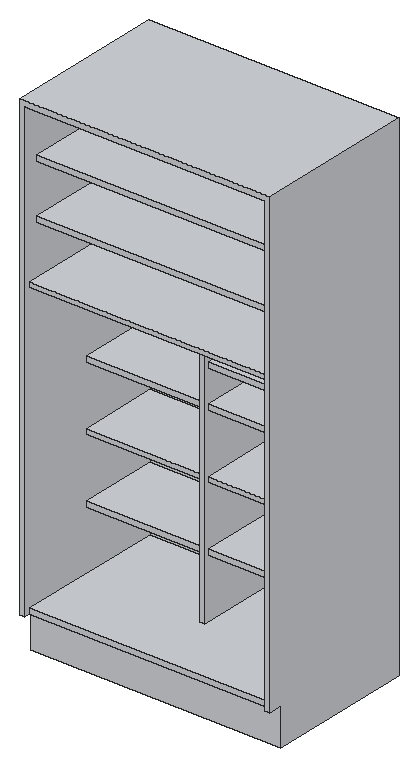
Revit family "Small Instrument Cabinet", category Furniture, Revit 2011
Parameters (values of type "Standard Cabinet #60")
  URL = "http://www.wengercorp.com/Home/Contact.html"
  Toekick Material [instance] = none
  RH End Panel [instance] = no
  Model = "60"
  Manufacturer = "Wenger Corporation"
  LH End Panel [instance] = no
  End Panel Material [instance] = none
  Edge Banding Material [instance] = none
  Door Material [instance] = none
  Description = "Standard Cabinet #60"
  Cabinet Width = 1' - 6 3/4"
  Cabinet Label = Labels : Standard
  Cabinet Height = 3' - 2 5/16"
  Cabinet Depth = 2' - 5 1/4"
  Cabinet Back Thickness = 0' - 0 3/4"
  Assembly Code = ""
Types (4): name | Model | Description | Cabinet Width | Cabinet Label | Cabinet Depth | Cabinet Back Thickness
  Standard Cabinet #60 | "60" | "Standard Cabinet #60" | 1' - 6 3/4" | Labels : Standard | 2' - 5 1/4" | 0' - 0 3/4"
  Acoustic Cabinet #60 | "60A" | "Acoustic Cabinet #60" | 1' - 6 3/4" | Labels : Acoustic | 2' - 7 3/4" | 0' - 3 1/4"
  Narrow Acoustic Cabinet #60 | "60NA" | "Narrow Acoustic Cabinet #60" | 1' - 2 3/4" | Labels : Narrow Acoustic | 2' - 7 3/4" | 0' - 3 1/4"
  Narrow Cabinet #60 | "60N" | "Narrow Cabinet #60" | 1' - 2 3/4" | Labels : Narrow | 2' - 5 1/4" | 0' - 0 3/4"
Reference planes (in)
  plane 1 "Front": y = -12.6937
  plane 2: z = 0
  plane 3 "Left": x = -1.13898
  plane 4 "Top": z = 72.25
  plane 5: z = 5.5
  plane 6: x = 15.98957
  plane 7: x = 16.73957
  plane 8: x = -1.88898
  plane 9: x = 33.86813
  plane 10: z = 25.2636
  plane 11: y = -11.9437
  plane 12: y = 10.8063
  plane 13: z = 73
  plane 14: z = 57.00816
  plane 15: z = 56.25816
  plane 16 "Right Work Plane": x = 34.61813
  plane 17: y = 10.0563
  plane 18: z = 6.25
  plane 19: z = 24.5136
  plane 20: z = 65
  plane 21: z = 64.25
  plane 22: z = 49.00816
  plane 23: z = 48.25816
  plane 24: z = 15.7615
  plane 25: z = 15.0115
  plane 26: z = 34.77394
  plane 27: z = 34.02394
  plane 28: z = 39.52394
  plane 29: z = 40.27394
  plane 30: y = -10.6937
  plane 31: y = -1.6937
  plane 32: y = -2.1937
Forms (in)
  Extrusion 1, solid
    sketch origin (-1.13898, 0, 0) x (0, 1, 0) y (0, 0, 1)
      loop
        line (10.8063, 73) -> (-12.6937, 73) -> (-12.6937, 5.5) -> (-10.6937, 5.5) -> (-10.6937, 0) -> (10.8063, 0) -> (10.8063, 73)
    from -0.75 to 35.7571
  Extrusion 2, void
    sketch origin (34.61813, 0, 0) x (0, 1, 0) y (0, 0, 1)
      loop
        line (-26.4437, 72.25) -> (-26.4437, 48.25816) -> (-11.9437, 48.25816) -> (-11.9437, 49.00816) -> (10.0563, 49.00816) -> (10.0563, 56.25816) -> (-10.6937, 56.25816) -> (-10.6937, 57.00816) -> (10.0563, 57.00816) -> (10.0563, 64.25) -> (-10.6937, 64.25) -> (-10.6937, 65) -> (10.0563, 65) -> (10.0563, 72.25) -> (-26.4437, 72.25)
    from -35.7571 to -0.75
  Extrusion 3, void
    sketch origin (34.61813, 0, 0) x (0, 1, 0) y (0, 0, 1)
      loop
        line (-26.6937, 48.25816) -> (-26.6937, 5.5) -> (-11.9437, 5.5) -> (-11.9437, 6.25) -> (10.0563, 6.25) -> (10.0563, 15.0115) -> (-1.6937, 15.0115) -> (-1.6937, 15.7615) -> (10.0563, 15.7615) -> (10.0563, 24.5136) -> (-1.6937, 24.5136) -> (-1.6937, 25.2636) -> (10.0563, 25.2636) -> (10.0563, 34.02394) -> (-1.6937, 34.02394) -> (-1.6937, 34.77394) -> (10.0563, 34.77394) -> (10.0563, 48.25816) -> (-26.6937, 48.25816)
    from -35.7571 to -18.62855
  Extrusion 4, void
    sketch origin (34.61813, 0, 0) x (0, 1, 0) y (0, 0, 1)
      loop
        line (-28.6937, 48.25816) -> (-28.6937, 5.5) -> (-11.9437, 5.5) -> (-11.9437, 6.25) -> (10.0563, 6.25) -> (10.0563, 15.0115) -> (-1.6937, 15.0115) -> (-1.6937, 15.7615) -> (10.0563, 15.7615) -> (10.0563, 24.5136) -> (-1.6937, 24.5136) -> (-1.6937, 25.2636) -> (10.0563, 25.2636) -> (10.0563, 34.02394) -> (-1.6937, 34.02394) -> (-1.6937, 34.77394) -> (10.0563, 34.77394) -> (10.0563, 39.52394) -> (-1.6937, 39.52394) -> (-1.6937, 40.27394) -> (10.0563, 40.27394) -> (10.0563, 48.25816) -> (-28.6937, 48.25816)
    from -17.87855 to -0.75
  Extrusion 5, void
    sketch origin (34.61813, 0, 0) x (0, 1, 0) y (0, 0, 1)
      loop
        line (-22.6937, 48.25816) -> (-22.6937, 6.25) -> (-2.1937, 6.25) -> (-2.1937, 48.25816) -> (-22.6937, 48.25816)
    from -18.62855 to -17.87855
  Extrusion 6, void
    sketch origin (34.61813, 0, 0) x (0, 1, 0) y (0, 0, 1)
      loop
        line (-18.4437, 6.25) -> (-18.4437, 5.5) -> (-11.9437, 5.5) -> (-11.9437, 6.25) -> (-18.4437, 6.25)
    from -18.62855 to -17.87855
Cuts and joins
  Extrusion 2, Extrusion 3, Extrusion 4, Extrusion 5, Extrusion 6 cuts Extrusion 1
Dimensions and locks (in)
  plane 4 "Top" to level = 6' - 0 1/4"
  plane 3 "Left" to plane 8 = 0' - 0 3/4"
  plane 5 to level = 0' - 5 1/2"
  level to plane 4 "Top" = 6' - 0 1/4"
  plane 9 to plane 7 = 1' - 5.12855"
  plane 6 to plane 3 "Left" = 1' - 5.12855"
  equal spacing: plane 16 "Right Work Plane", plane 7, plane 3 "Left"
  plane 16 "Right Work Plane" to plane 8 = 3' - 0.5071"
  locked: Extrusion 1 to Extrusion 1 at 36.5071
  plane 9 to plane 16 "Right Work Plane" = 0' - 0 3/4"
  plane 3 "Left" to plane 7 to plane 16 "Right Work Plane" = 1' - 5.87855", 1' - 5.87855"
  Extrusion 1 to Extrusion 1 = 1' - 11 1/2"
  locked: Extrusion 1 to Extrusion 1 at 73
  plane 13 to plane 20 = 0' - 8"
  plane 20 to plane 14 = 0' - 7.99184"
  plane 14 to plane 22 = 0' - 8"
  plane 13 to plane 20 to plane 14 to plane 22 = 0' - 8", 0' - 7.99184", 0' - 8"
  plane 13 to plane 22 = 1' - 11.99184"
  plane 26 to plane 10 to plane 24 to plane 18 = 0' - 9.51035", 0' - 9.5021", 0' - 9.5115"
  plane 29 to plane 26 = 0' - 5 1/2"
  plane 22 to plane 29 = 0' - 8.73422"
  plane 31 to plane 12 = 1' - 0 1/2"
  locked: cut or joined group of Extrusion 1, Extrusion 2, Extrusion 3, Extrusion 4, Extrusion 5, Extrusion 6 to cut or joined group of Extrusion 1, Extrusion 2, Extrusion 3, Extrusion 4, Extrusion 5, Extrusion 6 at 23.5
Automatic sketch dimensions
  Extrusion 1 sketch curve to plane 1 "Front" = 0' - 0"
  Extrusion 1 sketch curve to plane 5 = 0' - 0"
  plane 11 to Extrusion 1 sketch curve = 0' - 1 1/4"
  plane 4 "Top" to Extrusion 1 sketch curve = 0' - 0 3/4"
  Extrusion 1 sketch curve to level = 0' - 0"
  plane 12 to Extrusion 1 sketch curve = 0' - 0"
  Extrusion 2 sketch curve to plane 4 "Top" = 0' - 0"
  Extrusion 2 sketch curve to plane 23 = 0' - 0"
  plane 11 to Extrusion 2 sketch curve = 0' - 1 1/4"  (x2)
  Extrusion 2 sketch curve to plane 11 = 0' - 0"
  Extrusion 2 sketch curve to plane 17 = 0' - 0"  (x3)
  Extrusion 2 sketch curve to plane 15 = 0' - 0"
  Extrusion 2 sketch curve to plane 14 = 0' - 0"
  Extrusion 2 sketch curve to plane 22 = 0' - 0"
  Extrusion 2 sketch curve to plane 21 = 0' - 0"
  Extrusion 2 sketch curve to plane 20 = 0' - 0"
  plane 1 "Front" to Extrusion 2 sketch curve = 1' - 1 3/4"
  Extrusion 3 sketch curve to plane 5 = 0' - 0"
  Extrusion 3 sketch curve to plane 23 = 0' - 0"
  Extrusion 3 sketch curve to plane 11 = 0' - 0"
  Extrusion 3 sketch curve to plane 27 = 0' - 0"
  plane 30 to Extrusion 3 sketch curve = 0' - 9"  (x3)
  Extrusion 3 sketch curve to plane 25 = 0' - 0"
  Extrusion 3 sketch curve to plane 10 = 0' - 0"
  Extrusion 3 sketch curve to plane 17 = 0' - 0"  (x4)
  Extrusion 3 sketch curve to plane 18 = 0' - 0"
  Extrusion 3 sketch curve to plane 24 = 0' - 0"
  Extrusion 3 sketch curve to plane 19 = 0' - 0"
  Extrusion 3 sketch curve to plane 26 = 0' - 0"
  plane 1 "Front" to Extrusion 3 sketch curve = 1' - 2"
  Extrusion 4 sketch curve to plane 23 = 0' - 0"
  Extrusion 4 sketch curve to plane 5 = 0' - 0"
  Extrusion 4 sketch curve to plane 11 = 0' - 0"
  Extrusion 4 sketch curve to plane 28 = 0' - 0"
  plane 30 to Extrusion 4 sketch curve = 0' - 9"  (x4)
  Extrusion 4 sketch curve to plane 19 = 0' - 0"
  Extrusion 4 sketch curve to plane 26 = 0' - 0"
  Extrusion 4 sketch curve to plane 25 = 0' - 0"
  Extrusion 4 sketch curve to plane 17 = 0' - 0"  (x5)
  Extrusion 4 sketch curve to plane 10 = 0' - 0"
  Extrusion 4 sketch curve to plane 18 = 0' - 0"
  Extrusion 4 sketch curve to plane 24 = 0' - 0"
  Extrusion 4 sketch curve to plane 27 = 0' - 0"
  Extrusion 4 sketch curve to plane 29 = 0' - 0"
  plane 1 "Front" to Extrusion 4 sketch curve = 1' - 4"
  Extrusion 5 sketch curve to plane 24 = 0' - 9.5115"
  Extrusion 5 sketch curve to plane 23 = 0' - 0"
  Extrusion 5 sketch curve to plane 31 = 0' - 0 1/2"
  plane 1 "Front" to Extrusion 5 sketch curve = 0' - 10"
  Extrusion 6 sketch curve to plane 5 = 0' - 0"
  Extrusion 6 sketch curve to plane 18 = 0' - 0"
  Extrusion 6 sketch curve to plane 11 = 0' - 0"
  plane 1 "Front" to Extrusion 6 sketch curve = 0' - 5 3/4"
Nested families (in)
  nested 1: "Labels" at (16.21736, -0.65057, 0), type "Acoustic"
  nested 2: "Front Note" at (16.44916, -12.33537, 0), type "Front Note", detail levels medium+fine
Definition of nested family "Labels"
  Parameters (values of type "Standard")
    Cabinet Label = "01"
  Types (4): name | Cabinet Label
    Standard | "01"
    Narrow | "01N"
    Narrow Acoustic | "01NA"
    Acoustic | "01A"
  Reference planes (in)
    plane 1: y = 0
    plane 2: x = 0
  Text (in)
    label "xxxx" at (-0.00018, 0.00754, 0), shows "Cabinet Label"
Definition of nested family "Front Note"
  Parameters (values of type "Front Note")
    Cabinet Label = "Front"
  Reference planes (in)
    plane 1: y = 0
    plane 2: x = 0
  Text (in)
    label "Front" at (-0.00018, 0.00754, 0), shows "Cabinet Label"
